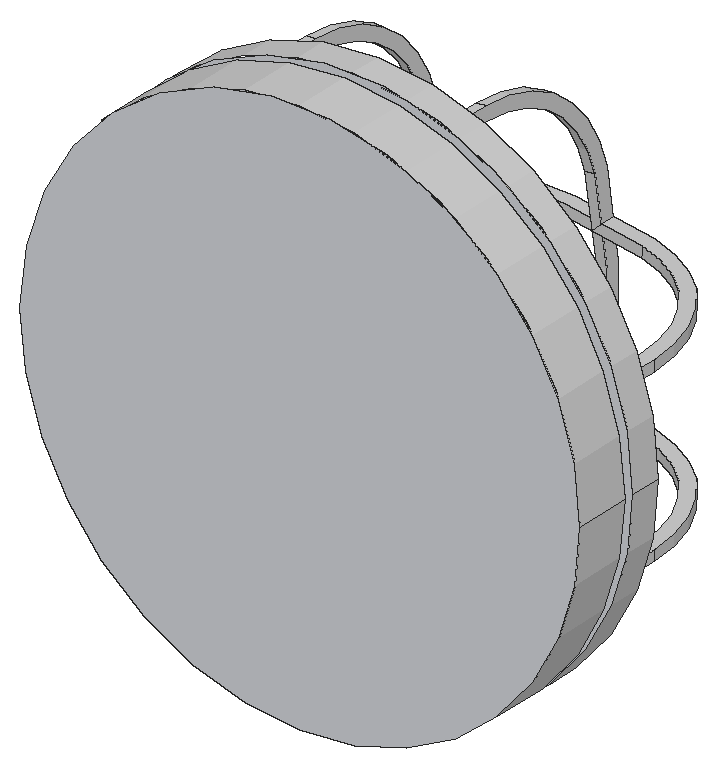
Revit family "BLHB4", category Lighting Fixtures, host Wall, Revit 2024
Family settings
  Host = Wall
  Round Connector Dimension = Use Diameter
  Part Type = Normal
  OmniClass Number = 23.80.70.00
  OmniClass Title = Lighting
  Always vertical = Yes
  Cut with Voids When Loaded = No
  Light Source = No
  Maintain Annotation Orientation = No
  Shared = No
  Room Calculation Point = No
Parameters
  Default Elevation = 0' - 0"
Reference planes (in)
  plane 1: y = 0
  plane 2 "Light Source Axis (F/B)": y = 8
  plane 3 "Light Source Axis (L/R)": x = -1.43133
  plane 4 "Light Source Elevation": z = 77.42225
Forms (in)
  Extrusion 1, solid
    sketch origin (0, 8, 0) x (1, 0, 0) y (0, 0, 1)
      loop
        circle (-1.43133, 82.42225) r 5
    from 4 to 5
  Extrusion 2, solid
    sketch origin (0, 8, 0) x (1, 0, 0) y (0, 0, 1)
      loop
        circle (-1.43133, 82.42225) r 4.75
    from 3.8125 to 4
  Extrusion 3, solid
    sketch origin (0, 8, 0) x (1, 0, 0) y (0, 0, 1)
      loop
        circle (-1.43133, 82.42225) r 5
    from 3.25 to 3.8125
  Revolve 4, solid
    sketch origin (-1.43133, 0, 0) x (0, -1, 0) y (0, 0, 1)
      loop
        arc (-7.28125, 82.42225) -> (-6.60055, 84.89676) -> (-4.75, 86.67495) r 4.83807
        line (-4.75, 86.67495) -> (-4.75, 86.78131)
        arc (-4.75, 86.78131) -> (-6.66809, 84.96646) -> (-7.375, 82.42225) r 4.93182
        line (-7.375, 82.42225) -> (-7.28125, 82.42225)
      axis (-4.75, 82.42225) -> (-7.375, 82.42225)
    angle from 0 to 360
  Extrusion 5, solid, material "49"
    sketch origin (-1.43133, 0, 0) x (0, -1, 0) y (0, 0, 1)
      loop
        arc (-5.15805, 87.03194) -> (-6.8707, 86.42475) -> (-7.84462, 84.89068) r 2.7858
        arc (-7.84462, 84.89068) -> (-8.13805, 82.42225) -> (-7.84462, 79.95382) r 10.52925
        arc (-7.84462, 79.95382) -> (-6.8707, 78.41975) -> (-5.15805, 77.81256) r 2.7858
        line (-5.15805, 77.81256) -> (-4.75, 77.81256) -> (-4.75, 78.06319) -> (-5.15718, 78.06461)
        arc (-5.15718, 78.06461) -> (-6.69376, 78.5994) -> (-7.57585, 79.96652) r 2.5
        arc (-7.57585, 79.96652) -> (-7.87392, 82.42225) -> (-7.57585, 84.87798) r 10.26511
        arc (-7.57585, 84.87798) -> (-6.69376, 86.2451) -> (-5.15718, 86.77989) r 2.5
        line (-5.15718, 86.77989) -> (-4.75, 86.78131) -> (-4.75, 87.03194) -> (-5.15805, 87.03194)
    from 1.4375 to 1.60394
  Extrusion 6, solid, material "49"
    sketch origin (-1.43133, 0, 0) x (0, -1, 0) y (0, 0, -1)
      loop
        line (-5.15805, -87.03194) -> (-4.75, -87.03194) -> (-4.75, -86.78131) -> (-5.15718, -86.77989)
        arc (-5.15718, -86.77989) -> (-6.69376, -86.2451) -> (-7.57585, -84.87798) r 2.5
        arc (-7.57585, -84.87798) -> (-7.87392, -82.42225) -> (-7.57585, -79.96652) r 10.26511
        arc (-7.57585, -79.96652) -> (-6.69376, -78.5994) -> (-5.15718, -78.06461) r 2.5
        line (-5.15718, -78.06461) -> (-4.75, -78.06319) -> (-4.75, -77.81256) -> (-5.15805, -77.81256)
        arc (-5.15805, -77.81256) -> (-6.8707, -78.41975) -> (-7.84462, -79.95382) r 2.7858
        arc (-7.84462, -79.95382) -> (-8.13805, -82.42225) -> (-7.84462, -84.89068) r 10.52925
        arc (-7.84462, -84.89068) -> (-6.8707, -86.42475) -> (-5.15805, -87.03194) r 2.7858
    from 1.4375 to 1.60394
  Extrusion 7, solid, material "49"
    sketch origin (0, 0, 77.42225) x (0, 1, 0) y (-1, 0, 0)
      loop
        arc (5.15805, -3.17837) -> (6.8707, -2.57117) -> (7.84462, -1.03711) r 2.7858
        arc (7.84462, -1.03711) -> (8.13805, 1.43133) -> (7.84462, 3.89976) r 10.52925
        arc (7.84462, 3.89976) -> (6.8707, 5.43382) -> (5.15805, 6.04102) r 2.7858
        line (5.15805, 6.04102) -> (4.75, 6.04102) -> (4.75, 5.79039) -> (5.15718, 5.78896)
        arc (5.15718, 5.78896) -> (6.69376, 5.25418) -> (7.57585, 3.88706) r 2.5
        arc (7.57585, 3.88706) -> (7.87392, 1.43133) -> (7.57585, -1.02441) r 10.26511
        arc (7.57585, -1.02441) -> (6.69376, -2.39152) -> (5.15718, -2.92631) r 2.5
        line (5.15718, -2.92631) -> (4.75, -2.92774) -> (4.75, -3.17837) -> (5.15805, -3.17837)
    from 3.37466 to 3.56642
  Extrusion 8, solid, material "49"
    sketch origin (0, 0, 87.42225) x (-1, 0, 0) y (0, -1, 0)
      loop
        arc (-3.17837, -5.15805) -> (-2.57117, -6.8707) -> (-1.03711, -7.84462) r 2.7858
        arc (-1.03711, -7.84462) -> (1.43133, -8.13805) -> (3.89976, -7.84462) r 10.52925
        arc (3.89976, -7.84462) -> (5.43382, -6.8707) -> (6.04102, -5.15805) r 2.7858
        line (6.04102, -5.15805) -> (6.04102, -4.75) -> (5.79039, -4.75) -> (5.78896, -5.15718)
        arc (5.78896, -5.15718) -> (5.25418, -6.69376) -> (3.88706, -7.57585) r 2.5
        arc (3.88706, -7.57585) -> (1.43133, -7.87392) -> (-1.02441, -7.57585) r 10.26511
        arc (-1.02441, -7.57585) -> (-2.39152, -6.69376) -> (-2.92631, -5.15718) r 2.5
        line (-2.92631, -5.15718) -> (-2.92774, -4.75) -> (-3.17837, -4.75) -> (-3.17837, -5.15805)
    from -3.58782 to -3.39606
Text (in)
  text "Placement Side" at (0, 40.15149, 123.01588), in view "Right"
  text "Placement Side" at (-70.3804, 56.61594, 0), in view "Ref. Level"
  text "Placement Side" at (0, 47.49176, 140.59947), in view "Left"
